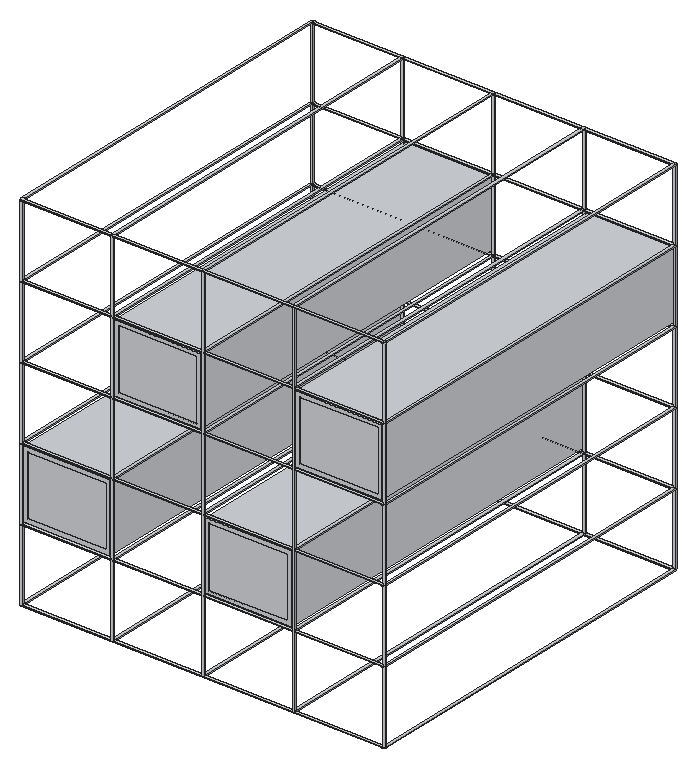
Revit family "Estante de Ferro Industrial", category Mobiliário, Revit 2019
Family settings
  Número OmniClass = 23.40.20.00
  Título OmniClass = General Furniture and Specialties
  Com base no plano de trabalho = Não
  Sempre na vertical = Sim
  Corte com vazios quando carregada = Não
  Compartilhado = Não
  Ponto de cálculo do ambiente = Não
Parameters (values of type "Padrão")
  Profundidade [instance] = 150 cm
  Nicho = none
  Largura [instance] = 150 cm
  Estrutura = none
  Altura [instance] = 150 cm
Types (2, lengths in cm): name | Profundidade | Largura | Altura
  Padrão | 150 | 150 | 150
  200 x 200 x 20 | 20 | 200 | 200
Reference planes (cm)
  plane 1 "Centro (Frente/Trás)": y = 0
  plane 2: z = 0
  plane 3 "Centro (Esquerda/Direita)": x = 0
  plane 4: x = 75
  plane 5: x = -75
  plane 6: y = 75
  plane 7: y = -75
  plane 8: z = 150
  plane 9: z = 30
  plane 10: z = 60
  plane 11: z = 90
  plane 12: z = 120
  plane 13: x = 37.5
  plane 14: x = -37.5
Forms (cm)
  Extrusion 1, solid, material <- "Estrutura"
    sketch origin (14.265, 12.5479, 0) x (1, 0, 0) y (0, 1, 0)
      loop
        circle (-89.265, -87.5479) r 0.5
    from 0 to 150
  Extrusion 2, solid, material <- "Estrutura"
    sketch origin (128.265, 12.5479, 0) x (1, 0, 0) y (0, 1, 0)
      loop
        circle (-53.265, -87.5479) r 0.5
    from 0 to 150
  Extrusion 3, solid, material <- "Estrutura"
    sketch origin (42.765, 12.5479, 0) x (1, 0, 0) y (0, 1, 0)
      loop
        circle (-80.265, -87.5479) r 0.5
    from 0 to 150
  Extrusion 4, solid, material <- "Estrutura"
    sketch origin (71.265, 12.5479, 0) x (1, 0, 0) y (0, 1, 0)
      loop
        circle (-71.265, -87.5479) r 0.5
    from 0 to 150
  Extrusion 5, solid, material <- "Estrutura"
    sketch origin (99.765, 12.5479, 0) x (1, 0, 0) y (0, 1, 0)
      loop
        circle (-62.265, -87.5479) r 0.5
    from 0 to 150
  Extrusion 6, solid, material <- "Estrutura"
    sketch origin (14.265, 32.5479, 0) x (1, 0, 0) y (0, 1, 0)
      loop
        circle (-89.265, 42.4521) r 0.5
    from 0 to 150
  Extrusion 7, solid, material <- "Estrutura"
    sketch origin (128.265, 32.5479, 0) x (1, 0, 0) y (0, 1, 0)
      loop
        circle (-53.265, 42.4521) r 0.5
    from 0 to 150
  Extrusion 8, solid, material <- "Estrutura"
    sketch origin (42.765, 32.5479, 0) x (1, 0, 0) y (0, 1, 0)
      loop
        circle (-80.265, 42.4521) r 0.5
    from 0 to 150
  Extrusion 9, solid, material <- "Estrutura"
    sketch origin (71.265, 32.5479, 0) x (1, 0, 0) y (0, 1, 0)
      loop
        circle (-71.265, 42.4521) r 0.5
    from 0 to 150
  Extrusion 10, solid, material <- "Estrutura"
    sketch origin (99.765, 32.5479, 0) x (1, 0, 0) y (0, 1, 0)
      loop
        circle (-62.265, 42.4521) r 0.5
    from 0 to 150
  Extrusion 11, solid
    sketch origin (0, 0, 0) x (0, 1, 0) y (0, 0, 1)
      loop
        circle (-75, 150) r 0.5
      loop
        circle (75, 150) r 0.5
    from -75 to 75
  Extrusion 12, solid
    sketch origin (0, 0, -210) x (0, 1, 0) y (0, 0, 1)
      loop
        circle (-75, 210) r 0.5
      loop
        circle (75, 210) r 0.5
    from -75 to 75
  Extrusion 13, solid
    sketch origin (0, 0, -174) x (0, 1, 0) y (0, 0, 1)
      loop
        circle (-75, 204) r 0.5
      loop
        circle (75, 204) r 0.5
    from -75 to 75
  Extrusion 14, solid
    sketch origin (0, 0, -136) x (0, 1, 0) y (0, 0, 1)
      loop
        circle (-75, 196) r 0.5
      loop
        circle (75, 196) r 0.5
    from -75 to 75
  Extrusion 15, solid
    sketch origin (0, 0, -88) x (0, 1, 0) y (0, 0, 1)
      loop
        circle (-75, 178) r 0.5
      loop
        circle (75, 178) r 0.5
    from -75 to 75
  Extrusion 16, solid
    sketch origin (0, 0, -50) x (0, 1, 0) y (0, 0, 1)
      loop
        circle (-75, 170) r 0.5
      loop
        circle (75, 170) r 0.5
    from -75 to 75
  Extrusion 17, solid
    sketch origin (0, 0, 0) x (1, 0, 0) y (0, 0, 1)
      loop
        circle (-75, 0) r 0.5
      loop
        circle (-37.5, 0) r 0.5
      loop
        circle (-75, 30) r 0.5
      loop
        circle (-75, 60) r 0.5
      loop
        circle (-75, 90) r 0.5
      loop
        circle (-75, 120) r 0.5
      loop
        circle (-75, 150) r 0.5
      loop
        circle (-37.5, 30) r 0.5
      loop
        circle (-37.5, 60) r 0.5
      loop
        circle (-37.5, 90) r 0.5
      loop
        circle (-37.5, 120) r 0.5
      loop
        circle (-37.5, 150) r 0.5
      loop
        circle (0, 30) r 0.5
      loop
        circle (0, 60) r 0.5
      loop
        circle (0, 90) r 0.5
      loop
        circle (0, 120) r 0.5
      loop
        circle (0, 150) r 0.5
      loop
        circle (37.5, 30) r 0.5
      loop
        circle (37.5, 60) r 0.5
      loop
        circle (37.5, 90) r 0.5
      loop
        circle (37.5, 120) r 0.5
      loop
        circle (37.5, 150) r 0.5
      loop
        circle (75, 30) r 0.5
      loop
        circle (75, 60) r 0.5
      loop
        circle (75, 90) r 0.5
      loop
        circle (75, 120) r 0.5
      loop
        circle (75, 150) r 0.5
      loop
        circle (0, 0) r 0.5
      loop
        circle (37.5, 0) r 0.5
      loop
        circle (75, 0) r 0.5
    from -75 to 75
  Extrusion 18, solid, material <- "Nicho"
    sketch origin (0, 0, 0) x (1, 0, 0) y (0, 0, 1)
      loop
        line (1, 31) -> (36.5, 31) -> (36.5, 59) -> (1, 59) -> (1, 31)
      loop
        line (2.5, 32.5) -> (35, 32.5) -> (35, 57.5) -> (2.5, 57.5) -> (2.5, 32.5)
    from -75 to 75
  Extrusion 19, solid
    sketch origin (0, 0, 0) x (1, 0, 0) y (0, 0, 1)
      loop
        line (1, 59) -> (1, 31) -> (36.5, 31) -> (36.5, 59) -> (1, 59)
    from 73 to 75
  Extrusion 20, solid, material <- "Nicho"
    sketch origin (-50, 0, 80) x (1, 0, 0) y (0, 0, 1)
      loop
        line (13.5, 11) -> (49, 11) -> (49, 39) -> (13.5, 39) -> (13.5, 11)
      loop
        line (15, 12.5) -> (47.5, 12.5) -> (47.5, 37.5) -> (15, 37.5) -> (15, 12.5)
    from -75 to 75
  Extrusion 21, solid
    sketch origin (-50, 0, 80) x (1, 0, 0) y (0, 0, 1)
      loop
        line (13.5, 39) -> (13.5, 11) -> (49, 11) -> (49, 39) -> (13.5, 39)
    from 73 to 75
  Extrusion 22, solid, material <- "Nicho"
    sketch origin (50, 0, 80) x (1, 0, 0) y (0, 0, 1)
      loop
        line (-11.5, 11) -> (24, 11) -> (24, 39) -> (-11.5, 39) -> (-11.5, 11)
      loop
        line (-10, 12.5) -> (22.5, 12.5) -> (22.5, 37.5) -> (-10, 37.5) -> (-10, 12.5)
    from -75 to 75
  Extrusion 23, solid
    sketch origin (50, 0, 80) x (1, 0, 0) y (0, 0, 1)
      loop
        line (-11.5, 39) -> (-11.5, 11) -> (24, 11) -> (24, 39) -> (-11.5, 39)
    from 73 to 75
  Extrusion 24, solid, material <- "Nicho"
    sketch origin (-100, 0, 0) x (1, 0, 0) y (0, 0, 1)
      loop
        line (26, 31) -> (61.5, 31) -> (61.5, 59) -> (26, 59) -> (26, 31)
      loop
        line (27.5, 32.5) -> (60, 32.5) -> (60, 57.5) -> (27.5, 57.5) -> (27.5, 32.5)
    from -75 to 75
  Extrusion 25, solid
    sketch origin (-100, 0, 0) x (1, 0, 0) y (0, 0, 1)
      loop
        line (26, 59) -> (26, 31) -> (61.5, 31) -> (61.5, 59) -> (26, 59)
    from 73 to 75
Dimensions and locks (cm)
  equal spacing: plane 5, plane 3 "Centro (Esquerda/Direita)", plane 4
  "Largura": plane 5 to plane 4
  equal spacing: plane 6, plane 1 "Centro (Frente/Trás)", plane 7
  "Profundidade": plane 6 to plane 7
  equal spacing: plane 5, Extrusion 3 sketch curve, plane 3 "Centro (Esquerda/Direita)"
  equal spacing: plane 3 "Centro (Esquerda/Direita)", Extrusion 5 sketch curve, plane 4
  equal spacing: plane 5, Extrusion 8 sketch curve, plane 3 "Centro (Esquerda/Direita)"
  equal spacing: plane 3 "Centro (Esquerda/Direita)", Extrusion 10 sketch curve, plane 4
  "Altura": plane 8 to level
  equal spacing: plane 8, plane 12, plane 11, plane 10, plane 9, level
  equal spacing: plane 3 "Centro (Esquerda/Direita)", plane 13, plane 4
  equal spacing: plane 3 "Centro (Esquerda/Direita)", plane 14, plane 5
  locked: Extrusion 19 to Extrusion 19 at 2
  locked: Extrusion 21 to Extrusion 21 at 2
  locked: Extrusion 23 to Extrusion 23 at 2
  locked: Extrusion 25 to Extrusion 25 at 2
  aligned and locked: level to plane 2
  aligned and locked: plane 4 to Extrusion 2 sketch curve
  aligned and locked: plane 7 to Extrusion 2 sketch curve
  aligned and locked: plane 8 to Extrusion 2
  aligned and locked: plane 8 to Extrusion 5
  aligned and locked: plane 8 to Extrusion 4
  aligned and locked: plane 8 to Extrusion 3
  aligned and locked: plane 8 to Extrusion 1
  aligned and locked: Extrusion 7 to plane 8
  aligned and locked: Extrusion 10 to plane 8
  aligned and locked: Extrusion 9 to plane 8
  aligned and locked: Extrusion 8 to plane 8
  aligned and locked: Extrusion 6 to plane 8
  aligned and locked: plane 8 to Extrusion 11 sketch curve
  aligned and locked: plane 7 to Extrusion 11 sketch curve
  aligned and locked: plane 6 to Extrusion 11 sketch curve
  aligned and locked: Extrusion 11 sketch curve to plane 8
  aligned and locked: plane 5 to Extrusion 11
  aligned and locked: level to Extrusion 12 sketch curve  (x2)
  aligned and locked: plane 7 to Extrusion 12 sketch curve
  aligned and locked: plane 6 to Extrusion 12 sketch curve
  aligned and locked: Extrusion 11 to plane 4
  aligned and locked: plane 5 to Extrusion 12
  aligned and locked: Extrusion 12 to plane 4
  aligned and locked: Extrusion 16 sketch curve to plane 12
  aligned and locked: plane 12 to Extrusion 16 sketch curve
  aligned and locked: plane 7 to Extrusion 16 sketch curve
  aligned and locked: plane 6 to Extrusion 16 sketch curve
  aligned and locked: plane 7 to Extrusion 15 sketch curve
  aligned and locked: plane 11 to Extrusion 15 sketch curve
  aligned and locked: plane 6 to Extrusion 15 sketch curve
  aligned and locked: Extrusion 15 sketch curve to plane 11
  aligned and locked: plane 7 to Extrusion 14 sketch curve
  aligned and locked: plane 10 to Extrusion 14 sketch curve  (x2)
  aligned and locked: plane 6 to Extrusion 14 sketch curve
  aligned and locked: plane 9 to Extrusion 13 sketch curve  (x2)
  aligned and locked: plane 7 to Extrusion 13 sketch curve
  aligned and locked: plane 6 to Extrusion 13 sketch curve
  aligned and locked: plane 5 to Extrusion 15
  aligned and locked: plane 5 to Extrusion 16
  aligned and locked: plane 5 to Extrusion 14
  aligned and locked: plane 5 to Extrusion 13
  aligned and locked: Extrusion 16 to plane 4
  aligned and locked: Extrusion 15 to plane 4
  aligned and locked: Extrusion 14 to plane 4
  aligned and locked: Extrusion 13 to plane 4
  aligned and locked: plane 5 to Extrusion 17 sketch curve  (x5)
  aligned and locked: plane 2 to Extrusion 17 sketch curve
  aligned and locked: level to Extrusion 17 sketch curve  (x4)
  aligned and locked: plane 6 to Extrusion 17
  aligned and locked: Extrusion 17 to plane 7
  aligned and locked: plane 8 to Extrusion 17 sketch curve  (x5)
  aligned and locked: plane 12 to Extrusion 17 sketch curve  (x5)
  aligned and locked: plane 11 to Extrusion 17 sketch curve  (x5)
  aligned and locked: plane 10 to Extrusion 17 sketch curve  (x5)
  aligned and locked: plane 3 "Centro (Esquerda/Direita)" to Extrusion 17 sketch curve  (x6)
  aligned and locked: plane 4 to Extrusion 17 sketch curve  (x6)
  aligned and locked: plane 9 to Extrusion 17 sketch curve  (x5)
  aligned and locked: plane 13 to Extrusion 17 sketch curve  (x6)
  aligned and locked: plane 14 to Extrusion 17 sketch curve  (x6)
  aligned and locked: plane 6 to Extrusion 18
  aligned and locked: Extrusion 18 to plane 7
  aligned and locked: Extrusion 19 sketch curve to Extrusion 18  (x4)
  aligned and locked: Extrusion 19 to Extrusion 18
  aligned and locked: Extrusion 21 sketch curve to Extrusion 20  (x4)
  aligned and locked: Extrusion 21 to Extrusion 20
  aligned and locked: Extrusion 23 sketch curve to Extrusion 22  (x4)
  aligned and locked: Extrusion 23 to Extrusion 22
  aligned and locked: Extrusion 25 sketch curve to Extrusion 24  (x4)
  aligned and locked: Extrusion 25 to Extrusion 24
  aligned and locked: plane 6 to Extrusion 22
  aligned and locked: Extrusion 23 to plane 7
  aligned and locked: Extrusion 25 to Extrusion 19
  aligned and locked: Extrusion 20 to Extrusion 22
  aligned and locked: Extrusion 24 to Extrusion 18
  aligned and locked: Extrusion 20 to Extrusion 18
Automatic sketch dimensions
  Extrusion 1 sketch curve to plane 5 = 0 cm
  Extrusion 1 sketch curve to plane 7 = 0 cm
  Extrusion 3 sketch curve to plane 7 = 0 cm
  Extrusion 4 sketch curve to plane 3 "Centro (Esquerda/Direita)" = 0 cm
  Extrusion 4 sketch curve to plane 7 = 0 cm
  Extrusion 5 sketch curve to plane 7 = 0 cm
  Extrusion 6 sketch curve to plane 5 = 0 cm
  Extrusion 6 sketch curve to plane 6 = 0 cm
  Extrusion 7 sketch curve to plane 4 = 0 cm
  plane 6 to Extrusion 7 sketch curve = 0 cm
  Extrusion 8 sketch curve to plane 6 = 0 cm
  Extrusion 9 sketch curve to plane 3 "Centro (Esquerda/Direita)" = 0 cm
  Extrusion 9 sketch curve to plane 6 = 0 cm
  Extrusion 10 sketch curve to plane 6 = 0 cm
  plane 5 to Extrusion 17 sketch curve = 0 cm
  plane 3 "Centro (Esquerda/Direita)" to Extrusion 18 sketch curve = 1 cm
  Extrusion 18 sketch curve to Extrusion 18 sketch curve = 1.5 cm  (x2)
  plane 13 to Extrusion 18 sketch curve = 2.5 cm
  plane 13 to Extrusion 18 sketch curve = 1 cm
  plane 9 to Extrusion 18 sketch curve = 1 cm
  Extrusion 18 sketch curve to plane 10 = 2.5 cm
  Extrusion 18 sketch curve to plane 10 = 1 cm
  Extrusion 20 sketch curve to plane 14 = 1 cm
  Extrusion 20 sketch curve to Extrusion 20 sketch curve = 1.5 cm  (x2)
  Extrusion 20 sketch curve to plane 3 "Centro (Esquerda/Direita)" = 2.5 cm
  Extrusion 20 sketch curve to plane 3 "Centro (Esquerda/Direita)" = 1 cm
  plane 11 to Extrusion 20 sketch curve = 1 cm
  Extrusion 20 sketch curve to plane 12 = 2.5 cm
  Extrusion 20 sketch curve to plane 12 = 1 cm
  Extrusion 22 sketch curve to plane 13 = 1 cm
  Extrusion 22 sketch curve to Extrusion 22 sketch curve = 1.5 cm  (x2)
  plane 4 to Extrusion 22 sketch curve = 2.5 cm
  plane 4 to Extrusion 22 sketch curve = 1 cm
  plane 11 to Extrusion 22 sketch curve = 1 cm
  Extrusion 22 sketch curve to plane 12 = 2.5 cm
  Extrusion 22 sketch curve to plane 12 = 1 cm
  Extrusion 24 sketch curve to plane 5 = 1 cm
  Extrusion 24 sketch curve to Extrusion 24 sketch curve = 1.5 cm  (x2)
  plane 14 to Extrusion 24 sketch curve = 2.5 cm
  plane 14 to Extrusion 24 sketch curve = 1 cm
  plane 9 to Extrusion 24 sketch curve = 1 cm
  Extrusion 24 sketch curve to plane 10 = 2.5 cm
  Extrusion 24 sketch curve to plane 10 = 1 cm
  radius of Extrusion 1 sketch curve = 0.5 cm
  radius of Extrusion 2 sketch curve = 0.5 cm
  radius of Extrusion 3 sketch curve = 0.5 cm
  radius of Extrusion 4 sketch curve = 0.5 cm
  radius of Extrusion 5 sketch curve = 0.5 cm
  radius of Extrusion 6 sketch curve = 0.5 cm
  radius of Extrusion 7 sketch curve = 0.5 cm
  radius of Extrusion 8 sketch curve = 0.5 cm
  radius of Extrusion 9 sketch curve = 0.5 cm
  radius of Extrusion 10 sketch curve = 0.5 cm
  radius of Extrusion 11 sketch curve = 0.5 cm  (x2)
  radius of Extrusion 12 sketch curve = 0.5 cm  (x2)
  radius of Extrusion 13 sketch curve = 0.5 cm  (x2)
  radius of Extrusion 14 sketch curve = 0.5 cm  (x2)
  radius of Extrusion 15 sketch curve = 0.5 cm  (x2)
  radius of Extrusion 16 sketch curve = 0.5 cm  (x2)
  radius of Extrusion 17 sketch curve = 0.5 cm  (x30)
